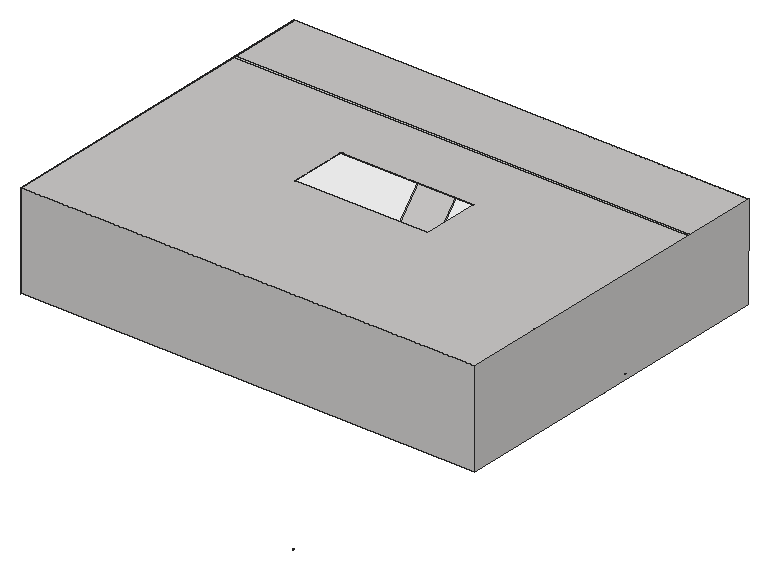
Revit family "QF_ELECTROLUXPROFESSIONAL_642039_EC1824T", category Specialty Equipment, Revit 2014
Reference planes
  plane 1: z = 0
  plane 2 "Center (Left/Right)": x = 150
  plane 3 "LEFT": x = -1050
  plane 4 "RIGHT": x = 1350
  plane 5 "BACK": y = 550
  plane 6 "TOP": z = 2500
  plane 7 "Base": z = 2000
  plane 8: z = 1946
  plane 9: x = -1047
  plane 10 "DrainX": x = 1199
  plane 11 "AOLeft2": x = 500
  plane 12: x = 1347
  plane 13: x = -850
  plane 14: x = 1150
  plane 15: x = 50
  plane 16: x = 250
  plane 17 "AOLeft1": x = -200
  plane 18: y = -200
  plane 19 "Front": y = -1250
  plane 20: through (0, 60.354, 2382.279) normal (0, 0.766, -0.6428)
  plane 21: through (0, -760.351, 2382.279) normal (0, -0.766, -0.6428)
  plane 22: through (0, 72.154, 2402.468) normal (0, -0.753, 0.6581)
  plane 23: through (0, -772.152, 2402.468) normal (0, -0.753, -0.6581)
  plane 24 "Center (Front/Back)": y = -350
  plane 25: y = -500
Forms (mm)
  Extrusion 1, solid, material "QF_Finishes_Stainless Steel"
    sketch origin (-1050, 0, 360) x (0, 1, 0) y (0, 0, 1)
      loop
        line (550, 1640) -> (550, 2140) -> (-1250, 2140) -> (-1250, 1640) -> (550, 1640)
    from 0 to 3
  Extrusion 2, solid, material "QF_Finishes_Stainless Steel"
    sketch origin (1350, 0, 360) x (0, 1, 0) y (0, 0, 1)
      loop
        line (550, 1640) -> (550, 2140) -> (-1250, 2140) -> (-1250, 1640) -> (550, 1640)
    from 0 to -3
  Extrusion 3, solid, material "QF_Finishes_Stainless Steel"
    sketch origin (150, 0, 360) x (0, 1, 0) y (0, 0, 1)
      loop
        line (-1250, 2140) -> (-1250, 1640) -> (-1240, 1640) -> (-1240, 1640.8) -> (-1249.2, 1640.8) -> (-1249.2, 2139.19) -> (549.2, 2139.19) -> (549.2, 1640.8) -> (540, 1640.8) -> (540, 1640) -> (550, 1640) -> (550, 2140) -> (-1250, 2140)
    from -1200 to 1200
  Extrusion 4, solid, material "QF_Finishes_Stainless Steel"
    sketch origin (0, -900, 2000) x (0, 1, 0) y (-1, 0, 0)
      loop
        circle (550, -1199) r 6.35
    from -3.799 to 0
  Extrusion 5, void
    sketch origin (0, 200, 2500) x (0, 1, 0) y (-1, 0, 0)
      loop
        line (-400, -500) -> (-400, 200) -> (-700, 200) -> (-700, -500) -> (-400, -500)
    from 0 to -10
  Extrusion 6, solid, material "QF_Finishes_Stainless Steel"
    sketch origin (0, 0, 0) x (1, 0, 0) y (0, 1, 0)
      loop
        line (-1050, 550) -> (-1050, 549) -> (-1049, 549) -> (-1049, 550) -> (-1050, 550)
    from 0 to 1
  Extrusion 7, solid, material "QF_Finishes_Stainless Steel"
    sketch origin (150, -200, 360) x (0, 1, 0) y (0, 0, 1)
      loop
        line (-79.471, 1685.734) -> (-56.882, 1665.992) -> (272.154, 2042.468) -> (249.566, 2062.21) -> (-79.471, 1685.734)
      loop
        line (-572.152, 2042.468) -> (-243.115, 1665.992) -> (-220.526, 1685.734) -> (-549.563, 2062.21) -> (-572.152, 2042.468)
    from -1000 to -1197
  Extrusion 8, solid, material "QF_Finishes_Stainless Steel"
    sketch origin (150, -200, 360) x (0, 1, 0) y (0, 0, 1)
      loop
        line (360.354, 2141.454) -> (357.903, 2143.511) -> (264.331, 2031.996) -> (266.169, 2030.453) -> (357.41, 2139.19) -> (358.454, 2139.19) -> (360.354, 2141.454)
      loop
        line (-39.202, 1672.761) -> (-56.017, 1663.363) -> (-81.407, 1685.429) -> (-81.974, 1684.862) -> (-54.914, 1661.345) -> (-90.242, 1641.601) -> (-209.758, 1641.601) -> (-245.086, 1661.345) -> (-218.026, 1684.862) -> (-218.593, 1685.429) -> (-243.983, 1663.363) -> (-260.798, 1672.761) -> (-262.311, 1670.055) -> (-209.966, 1640.801) -> (-90.034, 1640.801) -> (-37.689, 1670.055) -> (-39.202, 1672.761)
      loop
        line (-560.354, 2022.279) -> (-557.903, 2024.336) -> (-564.331, 2031.996) -> (-566.169, 2030.453) -> (-657.41, 2139.19) -> (-658.454, 2139.19) -> (-560.354, 2022.279)
    from -1197 to 1197
  Extrusion 9, solid, material "QF_Finishes_Stainless Steel"
    sketch origin (150, -200, 360) x (0, 1, 0) y (0, 0, 1)
      loop
        line (272.154, 2042.468) -> (249.566, 2062.21) -> (-79.471, 1685.734) -> (-56.882, 1665.992) -> (272.154, 2042.468)
      loop
        line (-572.154, 2042.468) -> (-243.118, 1665.992) -> (-220.529, 1685.734) -> (-549.566, 2062.21) -> (-572.154, 2042.468)
    from 1197 to 1000
  Extrusion 10, solid, material "QF_Finishes_Stainless Steel"
    sketch origin (150, -200, 360) x (0, 1, 0) y (0, 0, 1)
      loop
        line (272.154, 2042.468) -> (249.566, 2062.21) -> (-79.471, 1685.734) -> (-56.882, 1665.992) -> (272.154, 2042.468)
      loop
        line (-572.154, 2042.468) -> (-243.118, 1665.992) -> (-220.529, 1685.734) -> (-549.566, 2062.21) -> (-572.154, 2042.468)
    from -100 to 100
  Extrusion 11, solid, material "QF_Finished_Chrome"
    sketch origin (150, -200, 360) x (0, 1, 0) y (0, 0, 1)
      loop
        line (249.566, 2062.21) -> (-79.471, 1685.734) -> (-56.882, 1665.992) -> (272.154, 2042.468) -> (249.566, 2062.21)
      loop
        line (-549.566, 2062.21) -> (-572.154, 2042.468) -> (-243.118, 1665.992) -> (-220.529, 1685.734) -> (-549.566, 2062.21)
    from -1000 to -100
  Extrusion 12, solid, material "QF_Finished_Chrome"
    sketch origin (150, -200, 360) x (0, 1, 0) y (0, 0, 1)
      loop
        line (272.154, 2042.468) -> (249.566, 2062.21) -> (-79.471, 1685.734) -> (-56.882, 1665.992) -> (272.154, 2042.468)
      loop
        line (-572.154, 2042.468) -> (-243.118, 1665.992) -> (-220.529, 1685.734) -> (-549.566, 2062.21) -> (-572.154, 2042.468)
    from 100 to 1000
  Sweep 13, solid, material "QF_Finishes_Stainless Steel"
    path origin (0, 0, 0) x (1, 0, 0) y (0, 1, 0)
      loop
        line (1350, 550) -> (-1050, 550) -> (-1050, -1250) -> (1350, -1250) -> (1350, 550)
    profile origin (1350, -350, 0) x (1, 0, 0) y (0, 0, 1)
      loop
        line (-3, 2000) -> (-3, 2000.8) -> (-19, 2000.8) -> (-19, 2010) -> (-20, 2010) -> (-20, 2000) -> (-3, 2000)
  Extrusion 14, solid, material "QF_Finishes_Stainless Steel"
    sketch origin (1199, 0, 0) x (0, 1, 0) y (0, 0, 1)
      loop
        arc (-305.856, 1994.063) -> (-304.108, 1996.894) -> (-300.97, 1998.001) r 5
        line (-300.97, 1998.001) -> (-295, 1998.001) -> (-295, 2000.8) -> (-405, 2000.8) -> (-405, 1998.001) -> (-399.03, 1998.001)
        arc (-399.03, 1998.001) -> (-395.892, 1996.894) -> (-394.144, 1994.063) r 5
        line (-394.144, 1994.063) -> (-387.14, 1955.845)
        arc (-387.14, 1955.845) -> (-382.769, 1948.768) -> (-374.925, 1946) r 12.5
        line (-374.925, 1946) -> (-325.075, 1946)
        arc (-325.075, 1946) -> (-317.231, 1948.768) -> (-312.86, 1955.845) r 12.5
        line (-312.86, 1955.845) -> (-305.856, 1994.063)
    from -90 to 90
Cuts and joins
  Extrusion 5 cuts Extrusion 3
  joined: Extrusion 2, Extrusion 3, Sweep 13
Lines and regions (mm)
  symbolic lines, style "SpecialityEquipment", detail levels coarse
    curve 1: line (1350, 550, 2500) -> (-1050, 550, 2500)
    curve 2: line (-1050, 550, 2500) -> (-1050, -1250.8, 2500)
    curve 3: line (1350, -1250.8, 2500) -> (1350, 550, 2500)
    curve 4: line (-1050, 550, 0) -> (1350, -1250, 0)
    curve 5: line (1350, 550, 0) -> (-1050, -1250, 0)
  symbolic lines, detail levels coarse
    curve 6: line (-1050, -1250, 0) -> (1350, -1250, 0)
    curve 7: line (-200, -500, 0) -> (500, -500, 0)
    curve 8: line (-200, -200, 0) -> (-200, -500, 0)
    curve 9: line (500, -200, 0) -> (-200, -200, 0)
    curve 10: line (500, -500, 0) -> (500, -200, 0)
Dimensions and locks
  plane 3 "LEFT" to plane 4 "RIGHT" = 2400 mm
  equal spacing: plane 3 "LEFT", plane 2 "Center (Left/Right)", plane 4 "RIGHT"
  plane 3 "LEFT" to plane 9 = 3 mm
  plane 10 "DrainX" to plane 4 "RIGHT" = 151 mm
  plane 12 to plane 4 "RIGHT" = 3 mm
  plane 3 "LEFT" to plane 13 = 200 mm
  plane 14 to plane 4 "RIGHT" = 200 mm
  locked: plane 7 "Base" to level at 2000
  locked: plane 15 to plane 16 at 200
  equal spacing: plane 15, plane 2 "Center (Left/Right)", plane 16
  plane 7 "Base" to plane 8 = 54 mm
  plane 5 "BACK" to plane 19 "Front" = 1800 mm  (x2)
  equal spacing: plane 5 "BACK", plane 24 "Center (Front/Back)", plane 19 "Front"
  locked: plane 6 "TOP" to plane 7 "Base" at 500
  plane 25 to plane 18 = 300 mm
  equal spacing: plane 25, plane 24 "Center (Front/Back)", plane 18
  locked: plane 17 "AOLeft1" to plane 11 "AOLeft2" at 700
  equal spacing: plane 17 "AOLeft1", plane 2 "Center (Left/Right)", plane 11 "AOLeft2"
  aligned and locked: level to plane 1
  aligned and locked: plane 4 "RIGHT" to Extrusion 3
  aligned and locked: Extrusion 3 to plane 3 "LEFT"
  aligned and locked: Extrusion 7 to plane 9
  aligned and locked: plane 13 to Extrusion 7
  aligned and locked: Extrusion 2 to plane 12
  aligned and locked: plane 12 to Extrusion 9
  aligned and locked: plane 14 to Extrusion 9
  aligned and locked: plane 16 to Extrusion 10
  aligned and locked: Extrusion 10 to plane 15
  aligned and locked: plane 15 to Extrusion 11
  aligned and locked: Extrusion 11 to plane 13
  aligned and locked: Extrusion 12 to plane 16
  aligned and locked: Extrusion 12 to plane 14
  aligned and locked: Extrusion 8 to plane 9
  aligned and locked: plane 12 to Extrusion 8
  aligned and locked: Extrusion 5 to plane 17 "AOLeft1"
  aligned and locked: Extrusion 5 to plane 11 "AOLeft2"
  aligned and locked: plane 19 "Front" to Sweep 13 sketch curve
  aligned and locked: plane 25 to Extrusion 5
  aligned and locked: plane 18 to Extrusion 5
  aligned and locked: curve 7 to Extrusion 5
  aligned and locked: curve 8 to Extrusion 5
  aligned and locked: curve 9 to Extrusion 5
  aligned and locked: curve 10 to Extrusion 5
Automatic sketch dimensions
  curve 2 to plane 3 "LEFT" = 0 mm
  curve 3 to plane 4 "RIGHT" = 0 mm
  curve 2 to plane 5 "BACK" = 0 mm
  Extrusion 1 sketch curve to plane 7 "Base" = 0 mm
  Extrusion 1 sketch curve to plane 5 "BACK" = 0 mm
  Extrusion 1 sketch curve to plane 6 "TOP" = 0 mm
  Extrusion 2 sketch curve to plane 7 "Base" = 0 mm
  Extrusion 2 sketch curve to plane 5 "BACK" = 0 mm
  Extrusion 2 sketch curve to plane 6 "TOP" = 0 mm
  Extrusion 3 sketch curve to plane 6 "TOP" = 0 mm
  Extrusion 3 sketch curve to plane 7 "Base" = 0 mm  (x2)
  Extrusion 3 sketch curve to plane 5 "BACK" = 0 mm
  Extrusion 3 sketch curve to Extrusion 3 sketch curve = 9.2 mm
  plane 7 "Base" to Extrusion 3 sketch curve = 0.8 mm  (x2)
  Extrusion 3 sketch curve to plane 5 "BACK" = 10 mm
  Extrusion 3 sketch curve to plane 5 "BACK" = 0.8 mm
  Extrusion 3 sketch curve to plane 6 "TOP" = 0.81 mm
  Extrusion 4 sketch curve to plane 10 "DrainX" = 0 mm
  Extrusion 5 sketch curve to plane 11 "AOLeft2" = 0 mm
  Extrusion 5 sketch curve to plane 17 "AOLeft1" = 0 mm
  Extrusion 6 sketch curve to plane 3 "LEFT" = 0 mm
  Extrusion 6 sketch curve to plane 5 "BACK" = 0 mm
  plane 3 "LEFT" to Extrusion 6 sketch curve = 1 mm
  Extrusion 6 sketch curve to Extrusion 6 sketch curve = 1 mm
  Sweep 13 sketch curve to plane 3 "LEFT" = 0 mm
  Sweep 13 sketch curve to plane 4 "RIGHT" = 0 mm
  Sweep 13 sketch curve to plane 5 "BACK" = 0 mm
  profile plane to Sweep 13 sketch curve = 20 mm
  Sweep 13 sketch curve to Sweep 13 sketch curve = 1 mm
  profile plane to Sweep 13 sketch curve = 3 mm
  level to Sweep 13 sketch curve = 2000 mm
  Sweep 13 sketch curve to Sweep 13 sketch curve = 0.8 mm
  Sweep 13 sketch curve to Sweep 13 sketch curve = 9.2 mm
  Extrusion 3 sketch curve to Extrusion 3 sketch curve = 0.8 mm
  curve 5 to plane 3 "LEFT" = 0 mm
  curve 4 to plane 3 "LEFT" = 0 mm
  curve 5 to plane 4 "RIGHT" = 0 mm
  curve 6 to plane 4 "RIGHT" = 0 mm
  curve 4 to plane 5 "BACK" = 0 mm
  curve 5 to plane 5 "BACK" = 0 mm
  curve 6 to plane 19 "Front" = 0 mm
  Extrusion 7 sketch curve to plane 22 = 0 mm  (x2)
  Extrusion 7 sketch curve to plane 6 "TOP" = 77.79 mm  (x2)
  plane 7 "Base" to Extrusion 7 sketch curve = 25.992 mm  (x2)
  plane 7 "Base" to Extrusion 7 sketch curve = 45.734 mm
  Extrusion 7 sketch curve to plane 23 = 0 mm
  plane 23 to Extrusion 7 sketch curve = 0 mm
  Extrusion 11 sketch curve to plane 22 = 0 mm  (x2)
  Extrusion 11 sketch curve to plane 6 "TOP" = 77.79 mm  (x2)
  Extrusion 11 sketch curve to Extrusion 11 sketch curve = 22.589 mm
  plane 7 "Base" to Extrusion 11 sketch curve = 25.992 mm  (x2)
  Extrusion 10 sketch curve to plane 22 = 0 mm  (x2)
  Extrusion 10 sketch curve to plane 6 "TOP" = 77.79 mm  (x2)
  Extrusion 10 sketch curve to Extrusion 10 sketch curve = 22.589 mm
  plane 7 "Base" to Extrusion 10 sketch curve = 25.992 mm  (x2)
  Extrusion 12 sketch curve to plane 22 = 0 mm  (x2)
  Extrusion 12 sketch curve to plane 6 "TOP" = 77.79 mm  (x2)
  Extrusion 12 sketch curve to Extrusion 12 sketch curve = 22.589 mm
  plane 7 "Base" to Extrusion 12 sketch curve = 25.992 mm  (x2)
  Extrusion 9 sketch curve to plane 22 = 0 mm  (x2)
  Extrusion 9 sketch curve to plane 6 "TOP" = 77.79 mm  (x2)
  Extrusion 9 sketch curve to Extrusion 9 sketch curve = 22.589 mm
  plane 7 "Base" to Extrusion 9 sketch curve = 25.992 mm  (x2)
  Extrusion 4 sketch curve to plane 18 = 150 mm
  plane 7 "Base" to Extrusion 9 sketch curve = 45.734 mm
  plane 7 "Base" to Extrusion 10 sketch curve = 45.734 mm
  plane 7 "Base" to Extrusion 11 sketch curve = 45.734 mm
  plane 7 "Base" to Extrusion 12 sketch curve = 45.734 mm
  plane 24 "Center (Front/Back)" to Extrusion 5 sketch curve = 150 mm
  plane 20 to Extrusion 8 sketch curve = 0 mm  (x2)
  Extrusion 8 sketch curve to plane 6 "TOP" = 0.81 mm  (x2)
  plane 19 "Front" to Extrusion 8 sketch curve = 391.546 mm
  Extrusion 8 sketch curve to Extrusion 8 sketch curve = 1.044 mm
  Extrusion 8 sketch curve to plane 6 "TOP" = 109.547 mm  (x2)
  Extrusion 8 sketch curve to Extrusion 8 sketch curve = 91.241 mm
  Extrusion 8 sketch curve to plane 6 "TOP" = 108.004 mm  (x2)
  Extrusion 8 sketch curve to plane 6 "TOP" = 117.721 mm
  plane 7 "Base" to Extrusion 8 sketch curve = 30.055 mm
  plane 7 "Base" to Extrusion 8 sketch curve = 32.761 mm  (x2)
  Extrusion 8 sketch curve to Extrusion 8 sketch curve = 1.512 mm
  plane 7 "Base" to Extrusion 8 sketch curve = 21.345 mm  (x2)
  Extrusion 8 sketch curve to Extrusion 8 sketch curve = 17.225 mm
  plane 7 "Base" to Extrusion 8 sketch curve = 23.363 mm  (x2)
  Extrusion 8 sketch curve to Extrusion 8 sketch curve = 25.389 mm  (x2)
  Extrusion 8 sketch curve to Extrusion 8 sketch curve = 0.567 mm  (x4)
  plane 7 "Base" to Extrusion 8 sketch curve = 0.801 mm
  Extrusion 8 sketch curve to Extrusion 8 sketch curve = 0.208 mm  (x2)
  plane 7 "Base" to Extrusion 8 sketch curve = 1.601 mm
  Extrusion 8 sketch curve to Extrusion 8 sketch curve = 8.268 mm
  Extrusion 8 sketch curve to Extrusion 8 sketch curve = 1.103 mm
  Extrusion 8 sketch curve to Extrusion 8 sketch curve = 16.816 mm
  plane 18 to Extrusion 8 sketch curve = 357.903 mm
  Extrusion 8 sketch curve to Extrusion 8 sketch curve = 2.451 mm
  Extrusion 8 sketch curve to Extrusion 8 sketch curve = 21.498 mm  (x2)
  curve 3 to plane 19 "Front" = 0.8 mm
  curve 2 to plane 19 "Front" = 0.8 mm
  Extrusion 1 sketch curve to plane 19 "Front" = 0 mm
  Extrusion 2 sketch curve to plane 19 "Front" = 0 mm
  Extrusion 3 sketch curve to plane 19 "Front" = 0 mm
  Extrusion 5 sketch curve to plane 24 "Center (Front/Back)" = 150 mm
  Extrusion 7 sketch curve to plane 24 "Center (Front/Back)" = 399.563 mm
  Extrusion 8 sketch curve to plane 24 "Center (Front/Back)" = 112.311 mm
  plane 24 "Center (Front/Back)" to Extrusion 8 sketch curve = 59.758 mm
  Extrusion 9 sketch curve to plane 24 "Center (Front/Back)" = 70.529 mm
  Extrusion 9 sketch curve to plane 24 "Center (Front/Back)" = 399.566 mm
  Extrusion 10 sketch curve to plane 24 "Center (Front/Back)" = 70.529 mm
  Extrusion 10 sketch curve to plane 24 "Center (Front/Back)" = 399.566 mm
  Extrusion 11 sketch curve to plane 24 "Center (Front/Back)" = 70.529 mm
  Extrusion 11 sketch curve to plane 24 "Center (Front/Back)" = 399.566 mm
  Extrusion 12 sketch curve to plane 24 "Center (Front/Back)" = 70.529 mm
  Extrusion 12 sketch curve to plane 24 "Center (Front/Back)" = 399.566 mm
  Extrusion 14 sketch curve to plane 8 = 0 mm
  Extrusion 14 sketch curve to plane 7 "Base" = 1.999 mm  (x2)
  Extrusion 14 sketch curve to plane 24 "Center (Front/Back)" = 55 mm
  Extrusion 14 sketch curve to Extrusion 14 sketch curve = 5.97 mm  (x2)
  Extrusion 14 sketch curve to plane 7 "Base" = 5.937 mm  (x2)
  Extrusion 14 sketch curve to Extrusion 14 sketch curve = 4.886 mm  (x2)
  plane 8 to Extrusion 14 sketch curve = 9.845 mm  (x2)
  Extrusion 14 sketch curve to plane 24 "Center (Front/Back)" = 37.14 mm
  Extrusion 14 sketch curve to Extrusion 14 sketch curve = 12.215 mm  (x2)
  plane 24 "Center (Front/Back)" to Extrusion 14 sketch curve = 24.925 mm
  Extrusion 14 sketch curve to Extrusion 14 sketch curve = 7.004 mm
  plane 7 "Base" to Extrusion 14 sketch curve = 0.8 mm
  radius of Extrusion 4 sketch curve = 6.35 mm
Connectors
  piping at (1199, -350, 1996.201), diameter 12.7
    settings: on Extrusion 4, index 1, connector inside diameter 609.6 mm, connector length 0 mm, flow factor 0, pipe flow 0.0 L/s, pressure drop 0.0 Pa, fitting loss kfactor 0, connector angle 0.00°, fixture units 0, engagement length 0 mm, angle of deflection 0.00°, flow configuration 1, flow direction 2, fitting loss method 0, system type 16, joint type 0, gender type 0, connector reference index -1, connector utility 0, adjustable connector no, is connector primary yes, connector description "Drain"
  hvac at (150, -350, 2500)
    settings: on Extrusion 5, index 2, duct flow 0.0 L/s, flow factor 0, pres drop 0.0 Pa, loss coef 0, conn angle 0.00°, conn width 300 mm, conn height 700 mm, conn diameter 609.6 mm, duct sys type 3, conn prof type 1, flow config 1, flow direction 2, loss method 0, conn ref index -1, conn util no, is conn primary yes, conn desc "EXHAUST OUTLET"
